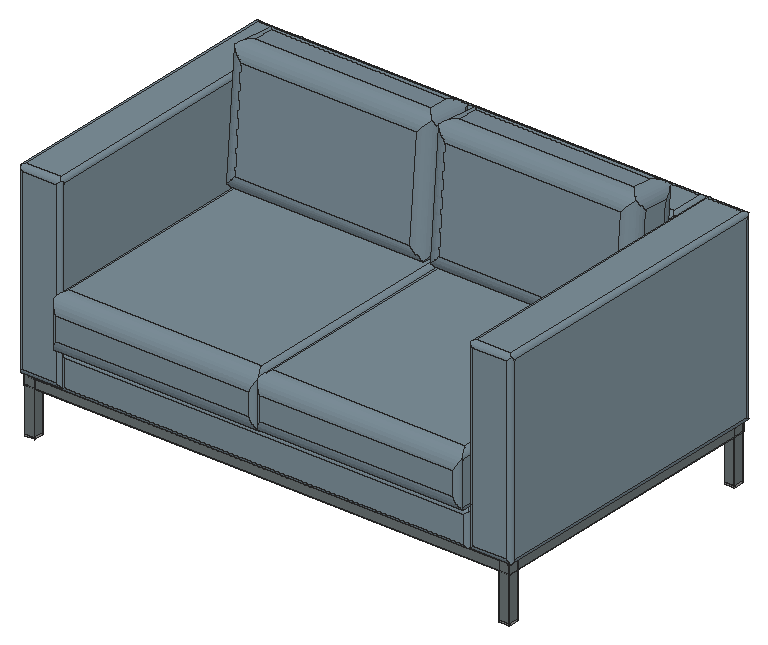
Revit family "FU_Sofa_Sandler_Iber 7-2", category Furniture, Revit 2022
Family settings
  OmniClass Number = 23.40.20.00
  OmniClass Title = General Furniture and Specialties
  Work Plane-Based = No
  Always vertical = Yes
  Cut with Voids When Loaded = No
  Render Appearance Source = Family Geometry
  Shared = No
  Room Calculation Point = No
Parameters (values of type "Iber 7.2")
  Width = 1390 mm
  URL = "https://www.sandlerseating.com/product/iber-7-2/"
  Seat [instance] = Fabric - Mainline Flax - Epping MLF51
  Model = "Iber 7.2"
  Manufacturer = "Sandler"
  Height = 780 mm
  Frame [instance] = Metal - Powdercoats - Granite Grey RAL 7026
  Description = "Two-seat sofa with slender armrests and chrome feet."
  Depth = 880 mm
  Default Elevation = 0 mm
Reference planes
  plane 1 "Center (Front/Back)": y = 0
  plane 2: z = 0
  plane 3 "Center (Left/Right)": x = 0
  plane 4 "Right": x = -695
  plane 5 "Left": x = 695
  plane 6 "Back": y = 440
  plane 7 "Front": y = -440
  plane 8 "Height": z = 780
  plane 9 "Seat Height": z = 410
  plane 10 "frame height FRONT": z = 155
  plane 11 "pads FRONT": z = 5
  plane 12 "frame right FRONT": x = -684.066
  plane 13 "frame left FRONT": x = 684.331
  plane 14 "frame front RIGHT": y = -396
  plane 15 "frame back RIGHT": y = 428
  plane 16 "inner right arm FRONT": x = -575.043
  plane 17 "inner left arm FRONT": x = 574.947
Forms (mm)
  Sweep 1, solid, material "Metal - Powdercoats - Granite Grey RAL 7026" <- "Frame"
    path origin (0, 0, 155) x (-1, 0, 0) y (0, -1, 0)
      loop
        line (684.066, -428) -> (684.066, 396) -> (-684.331, 396) -> (-684.331, -428) -> (684.066, -428)
    profile origin (0.132, 428, 155) x (0, 1, 0) y (0, 0, 1)
      loop
        line (-1.5, 0) -> (-28.5, 0)
        arc (-28.5, 0) -> (-29.561, -0.439) -> (-30, -1.5) r 1.5
        line (-30, -1.5) -> (-30, -26.5)
        arc (-30, -26.5) -> (-29.561, -27.561) -> (-28.5, -28) r 1.5
        line (-28.5, -28) -> (-1.5, -28)
        arc (-1.5, -28) -> (-0.439, -27.561) -> (0, -26.5) r 1.5
        line (0, -26.5) -> (0, -1.5)
        arc (0, -1.5) -> (-0.439, -0.439) -> (-1.5, 0) r 1.5
  Sweep 2, solid, material "Metal - Powdercoats - Granite Grey RAL 7026" <- "Frame"
    path origin (684.331, 0, 0) x (0, 0, 1) y (0, -1, 0)
      loop
        line (155, 396) -> (5, 396)
    profile origin (684.331, -396, 80) x (1, 0, 0) y (0, 1, 0)
      loop
        arc (-1.48, -0.021) -> (-0.419, 0.419) -> (0.02, 1.479) r 1.5
        line (0.02, 1.479) -> (0.02, 28.479)
        arc (0.02, 28.479) -> (-0.419, 29.54) -> (-1.48, 29.979) r 1.5
        line (-1.48, 29.979) -> (-28.48, 29.979)
        arc (-28.48, 29.979) -> (-29.541, 29.54) -> (-29.98, 28.479) r 1.5
        line (-29.98, 28.479) -> (-29.98, 1.479)
        arc (-29.98, 1.479) -> (-29.541, 0.419) -> (-28.48, -0.021) r 1.5
        line (-28.48, -0.021) -> (-1.48, -0.021)
  Sweep 3, solid, material "Metal - Powdercoats - Granite Grey RAL 7026" <- "Frame"
    path origin (-684.066, 0, 0) x (0, 0, 1) y (0, -1, 0)
      loop
        line (155, 396.021) -> (5, 396.021)
    profile origin (-684.066, -396.021, 80) x (1, 0, 0) y (0, 1, 0)
      loop
        arc (28.5, 0) -> (29.561, 0.439) -> (30, 1.5) r 1.5
        line (30, 1.5) -> (30, 28.5)
        arc (30, 28.5) -> (29.561, 29.561) -> (28.5, 30) r 1.5
        line (28.5, 30) -> (1.5, 30)
        arc (1.5, 30) -> (0.439, 29.561) -> (0, 28.5) r 1.5
        line (0, 28.5) -> (0, 1.5)
        arc (0, 1.5) -> (0.439, 0.439) -> (1.5, 0) r 1.5
        line (1.5, 0) -> (28.5, 0)
  Sweep 4, solid, material "Metal - Powdercoats - Granite Grey RAL 7026" <- "Frame"
    path origin (0, -396, 0) x (0, 0, 1) y (1, 0, 0)
      loop
        line (155, -684.066) -> (5, -684.066)
    profile origin (-684.066, -396, 80) x (0, 1, 0) y (-1, 0, 0)
      loop
        arc (794, -28.5) -> (794.439, -29.561) -> (795.5, -30) r 1.5
        line (795.5, -30) -> (822.5, -30)
        arc (822.5, -30) -> (823.561, -29.561) -> (824, -28.5) r 1.5
        line (824, -28.5) -> (824, -1.5)
        arc (824, -1.5) -> (823.561, -0.439) -> (822.5, 0) r 1.5
        line (822.5, 0) -> (795.5, 0)
        arc (795.5, 0) -> (794.439, -0.439) -> (794, -1.5) r 1.5
        line (794, -1.5) -> (794, -28.5)
  Sweep 5, solid, material "Metal - Powdercoats - Granite Grey RAL 7026" <- "Frame"
    path origin (684.331, 0, 0) x (0, 0, 1) y (0, -1, 0)
      loop
        line (155, -428) -> (5, -428)
    profile origin (684.331, 428, 80) x (1, 0, 0) y (0, 1, 0)
      loop
        arc (-1.5, -30) -> (-0.439, -29.561) -> (0, -28.5) r 1.5
        line (0, -28.5) -> (0, -1.5)
        arc (0, -1.5) -> (-0.439, -0.439) -> (-1.5, 0) r 1.5
        line (-1.5, 0) -> (-28.5, 0)
        arc (-28.5, 0) -> (-29.561, -0.439) -> (-30, -1.5) r 1.5
        line (-30, -1.5) -> (-30, -28.5)
        arc (-30, -28.5) -> (-29.561, -29.561) -> (-28.5, -30) r 1.5
        line (-28.5, -30) -> (-1.5, -30)
  Sweep 6, solid, material "Rubber, Natural"
    path origin (684.331, 0, 0) x (0, 0, 1) y (0, -1, 0)
      loop
        line (5, -428) -> (0, -428)
    profile origin (684.331, 428, 2.5) x (1, 0, 0) y (0, 1, 0)
      loop
        arc (-1.48, -30) -> (-0.419, -29.561) -> (0.02, -28.5) r 1.5
        line (0.02, -28.5) -> (0.02, -1.5)
        arc (0.02, -1.5) -> (-0.419, -0.439) -> (-1.48, 0) r 1.5
        line (-1.48, 0) -> (-28.48, 0)
        arc (-28.48, 0) -> (-29.541, -0.439) -> (-29.98, -1.5) r 1.5
        line (-29.98, -1.5) -> (-29.98, -28.5)
        arc (-29.98, -28.5) -> (-29.541, -29.561) -> (-28.48, -30) r 1.5
        line (-28.48, -30) -> (-1.48, -30)
  Sweep 7, solid, material "Rubber, Natural"
    path origin (684.331, 0, 0) x (0, 0, 1) y (0, -1, 0)
      loop
        line (5, 396.021) -> (0, 396.021)
    profile origin (684.331, -396.021, 2.5) x (1, 0, 0) y (0, 1, 0)
      loop
        arc (-1.48, 0) -> (-0.419, 0.439) -> (0.02, 1.5) r 1.5
        line (0.02, 1.5) -> (0.02, 28.5)
        arc (0.02, 28.5) -> (-0.419, 29.561) -> (-1.48, 30) r 1.5
        line (-1.48, 30) -> (-28.48, 30)
        arc (-28.48, 30) -> (-29.541, 29.561) -> (-29.98, 28.5) r 1.5
        line (-29.98, 28.5) -> (-29.98, 1.5)
        arc (-29.98, 1.5) -> (-29.541, 0.439) -> (-28.48, 0) r 1.5
        line (-28.48, 0) -> (-1.48, 0)
  Sweep 8, solid, material "Rubber, Natural"
    path origin (-684.066, 0, 0) x (0, 0, 1) y (0, -1, 0)
      loop
        line (5, 396.021) -> (0, 396.021)
    profile origin (-684.066, -396.021, 2.5) x (1, 0, 0) y (0, 1, 0)
      loop
        arc (28.5, 0) -> (29.561, 0.439) -> (30, 1.5) r 1.5
        line (30, 1.5) -> (30, 28.5)
        arc (30, 28.5) -> (29.561, 29.561) -> (28.5, 30) r 1.5
        line (28.5, 30) -> (1.5, 30)
        arc (1.5, 30) -> (0.439, 29.561) -> (0, 28.5) r 1.5
        line (0, 28.5) -> (0, 1.5)
        arc (0, 1.5) -> (0.439, 0.439) -> (1.5, 0) r 1.5
        line (1.5, 0) -> (28.5, 0)
  Sweep 9, solid, material "Rubber, Natural"
    path origin (-684.066, 0, 0) x (0, 0, 1) y (0, -1, 0)
      loop
        line (5, -428) -> (0, -428)
    profile origin (-684.066, 428, 2.5) x (1, 0, 0) y (0, 1, 0)
      loop
        arc (28.5, -30) -> (29.561, -29.561) -> (30, -28.5) r 1.5
        line (30, -28.5) -> (30, -1.5)
        arc (30, -1.5) -> (29.561, -0.439) -> (28.5, 0) r 1.5
        line (28.5, 0) -> (1.5, 0)
        arc (1.5, 0) -> (0.439, -0.439) -> (0, -1.5) r 1.5
        line (0, -1.5) -> (0, -28.5)
        arc (0, -28.5) -> (0.439, -29.561) -> (1.5, -30) r 1.5
        line (1.5, -30) -> (28.5, -30)
  Extrusion 10, solid, material "Fabric - Mainline Flax - Epping MLF51" <- "Seat"
    sketch origin (-695, 0, 0) x (0, 1, 0) y (0, 0, 1)
      loop
        arc (425, 155) -> (435.607, 159.393) -> (440, 170) r 15
        line (440, 170) -> (440, 670)
        arc (440, 670) -> (435.607, 680.607) -> (425, 685) r 15
        line (425, 685) -> (-388.972, 685)
        arc (-388.972, 685) -> (-399.579, 680.607) -> (-403.972, 670) r 15
        line (-403.972, 670) -> (-403.972, 170)
        arc (-403.972, 170) -> (-399.579, 159.393) -> (-388.972, 155) r 15
        line (-388.972, 155) -> (425, 155)
    from 0 to 119.957
  Extrusion 11, solid, material "Fabric - Mainline Flax - Epping MLF51" <- "Seat"
    sketch origin (695, 0, 0) x (0, 1, 0) y (0, 0, 1)
      loop
        arc (425, 155) -> (435.607, 159.393) -> (440, 170) r 15
        line (440, 170) -> (440, 670)
        arc (440, 670) -> (435.607, 680.607) -> (425, 685) r 15
        line (425, 685) -> (-388.972, 685)
        arc (-388.972, 685) -> (-399.579, 680.607) -> (-403.972, 670) r 15
        line (-403.972, 670) -> (-403.972, 170)
        arc (-403.972, 170) -> (-399.579, 159.393) -> (-388.972, 155) r 15
        line (-388.972, 155) -> (425, 155)
    from 0 to -120.053
  Sweep 12, void
    path in 3D
      loop
        line (-695, 440, 685) -> (-695, 440, 155) -> (-695, -403.972, 155) -> (-695, -403.972, 685) -> (-695, 440, 685)
    profile "Pro_edgeCut_12mm : Pro_edgeCut_12mm" origin (-695, 18.014, 685) x (-1, 0, 0) y (0, 0, 1)
      loop
        line (-7.071, 21.213) -> (-14.142, 0) -> (-12, 0)
        arc (-12, 0) -> (-3.515, -3.515) -> (0, -12) r 12
        line (0, -12) -> (0, -14.142) -> (21.213, -7.071) -> (-7.071, 21.213)
  Sweep 13, void
    path in 3D
      loop
        line (-575.043, -403.972, 685) -> (-575.043, -403.972, 155) -> (-575.043, 440, 155) -> (-575.043, 440, 685) -> (-575.043, -403.972, 685)
    profile "Pro_edgeCut_12mm : Pro_edgeCut_12mm" origin (-575.043, 18.014, 685) x (1, 0, 0) y (0, 0, 1)
      loop
        line (-7.071, 21.213) -> (-14.142, 0) -> (-12, 0)
        arc (-12, 0) -> (-3.515, -3.515) -> (0, -12) r 12
        line (0, -12) -> (0, -14.142) -> (21.213, -7.071) -> (-7.071, 21.213)
  Sweep 14, void
    path in 3D
      loop
        line (695, -403.972, 685) -> (695, -403.972, 155) -> (695, 440, 155) -> (695, 440, 685) -> (695, -403.972, 685)
    profile "Pro_edgeCut_12mm : Pro_edgeCut_12mm" origin (695, 18.014, 685) x (1, 0, 0) y (0, 0, 1)
      loop
        line (-7.071, 21.213) -> (-14.142, 0) -> (-12, 0)
        arc (-12, 0) -> (-3.515, -3.515) -> (0, -12) r 12
        line (0, -12) -> (0, -14.142) -> (21.213, -7.071) -> (-7.071, 21.213)
  Sweep 15, void
    path in 3D
      loop
        line (574.947, 440, 685) -> (574.947, 440, 155) -> (574.947, -403.972, 155) -> (574.947, -403.972, 685) -> (574.947, 440, 685)
    profile "Pro_edgeCut_12mm : Pro_edgeCut_12mm" origin (574.947, 18.014, 685) x (-1, 0, 0) y (0, 0, 1)
      loop
        line (-7.071, 21.213) -> (-14.142, 0) -> (-12, 0)
        arc (-12, 0) -> (-3.515, -3.515) -> (0, -12) r 12
        line (0, -12) -> (0, -14.142) -> (21.213, -7.071) -> (-7.071, 21.213)
  Extrusion 16, solid, material "Fabric - Mainline Flax - Epping MLF51" <- "Seat"
    sketch origin (0, 0, 0) x (0, 1, 0) y (0, 0, 1)
      loop
        line (-393.717, 155) -> (425, 155)
        arc (425, 155) -> (435.607, 159.393) -> (440, 170) r 15
        line (440, 170) -> (440, 669.793)
        arc (440, 669.793) -> (435.607, 680.4) -> (425, 684.793) r 15
        line (425, 684.793) -> (335, 684.793)
        arc (335, 684.793) -> (324.393, 680.4) -> (320, 669.793) r 15
        line (320, 669.793) -> (320, 255) -> (-388.717, 255)
        arc (-388.717, 255) -> (-399.324, 250.607) -> (-403.717, 240) r 15
        line (-403.717, 240) -> (-403.717, 165)
        arc (-403.717, 165) -> (-400.788, 157.929) -> (-393.717, 155) r 10
    from -575.043 to 574.947
  Sweep 17, void
    path in 3D
      loop
        line (574.947, -403.717, 255) -> (574.947, -403.717, 155) -> (574.947, 440, 155) -> (574.947, 440, 684.793) -> (574.947, 320, 684.793) -> (574.947, 320, 255) -> (574.947, -403.717, 255)
    profile "Pro_edgeCut_12mm : Pro_edgeCut_12mm" origin (574.947, -41.859, 255) x (1, 0, 0) y (0, 0, 1)
      loop
        line (-7.071, 21.213) -> (-14.142, 0) -> (-12, 0)
        arc (-12, 0) -> (-3.515, -3.515) -> (0, -12) r 12
        line (0, -12) -> (0, -14.142) -> (21.213, -7.071) -> (-7.071, 21.213)
  Sweep 18, void
    path in 3D
      loop
        line (-575.043, 320, 255) -> (-575.043, 320, 684.793) -> (-575.043, 440, 684.793) -> (-575.043, 440, 155) -> (-575.043, -403.717, 155) -> (-575.043, -403.717, 255) -> (-575.043, 320, 255)
    profile "Pro_edgeCut_12mm : Pro_edgeCut_12mm" origin (-575.043, -41.859, 255) x (-1, 0, 0) y (0, 0, 1)
      loop
        line (-7.071, 21.213) -> (-14.142, 0) -> (-12, 0)
        arc (-12, 0) -> (-3.515, -3.515) -> (0, -12) r 12
        line (0, -12) -> (0, -14.142) -> (21.213, -7.071) -> (-7.071, 21.213)
  Extrusion 19, solid, material "Fabric - Mainline Flax - Epping MLF51" <- "Seat"
    sketch origin (-575.043, 0, 0) x (0, 0, 1) y (0, -1, 0)
      loop
        arc (460.779, -158.902) -> (427.98, -169.413) -> (412.22, -200.037) r 45
        line (412.22, -200.037) -> (407.29, -259.601)
        arc (407.29, -259.601) -> (417.8, -292.399) -> (448.424, -308.16) r 45
        line (448.424, -308.16) -> (726.248, -331.157)
        arc (726.248, -331.157) -> (759.047, -320.647) -> (774.807, -290.023) r 45
        line (774.807, -290.023) -> (779.738, -230.458)
        arc (779.738, -230.458) -> (769.227, -197.66) -> (738.603, -181.9) r 45
        line (738.603, -181.9) -> (460.779, -158.902)
    from 0 to 575.043
  Sweep 20, void
    path in 3D
      loop
        line (0, 185.612, 783.45) -> (0, 155.19, 415.932) -> (0, 304.447, 403.577) -> (0, 334.869, 771.095) -> (0, 185.612, 783.45)
    profile "Pro_edgeCut_40mm : Pro_edgeCut_40mm" origin (0, 260.241, 777.272) x (0, -0.082494, -0.996592) y (1, 0, 0)
      loop
        line (7.071, 21.213) -> (-21.213, -7.071) -> (0, -40)
        arc (0, -40) -> (11.716, -11.716) -> (40, 0) r 40
        line (40, 0) -> (7.071, 21.213)
  Sweep 21, void
    path in 3D
      loop
        line (-575.043, 334.869, 771.095) -> (-575.043, 304.447, 403.577) -> (-575.043, 155.19, 415.932) -> (-575.043, 185.612, 783.45) -> (-575.043, 334.869, 771.095)
    profile "Pro_edgeCut_40mm : Pro_edgeCut_40mm" origin (-575.043, 260.241, 777.272) x (0, -0.082494, -0.996592) y (-1, 0, 0)
      loop
        line (7.071, 21.213) -> (-21.213, -7.071) -> (0, -40)
        arc (0, -40) -> (11.716, -11.716) -> (40, 0) r 40
        line (40, 0) -> (7.071, 21.213)
  Extrusion 22, solid, material "Fabric - Mainline Flax - Epping MLF51" <- "Seat"
    sketch origin (-575.043, 0, 0) x (0, 0, 1) y (0, -1, 0)
      loop
        line (255, -320) -> (410, -320) -> (410, 395)
        arc (410, 395) -> (396.82, 426.82) -> (365, 440) r 45
        line (365, 440) -> (300, 440)
        arc (300, 440) -> (268.18, 426.82) -> (255, 395) r 45
        line (255, 395) -> (255, -320)
    from 0 to 575.043
  Sweep 23, void
    path in 3D
      loop
        line (-575.043, 320, 410) -> (-575.043, 320, 255) -> (-575.043, -440, 255) -> (-575.043, -440, 410) -> (-575.043, 320, 410)
    profile "Pro_edgeCut_32-5mm : Pro_edgeCut_32-5mm" origin (-575.043, -60, 410) x (-1, 0, 0) y (0, 0, 1)
      loop
        line (-7.071, 21.213) -> (-16.25, 0)
        arc (-16.25, 0) -> (-4.76, -4.76) -> (0, -16.25) r 16.25
        line (0, -16.25) -> (21.213, -7.071) -> (-7.071, 21.213)
  Sweep 24, void
    path in 3D
      loop
        line (0, -440, 410) -> (0, -440, 255) -> (0, 320, 255) -> (0, 320, 410) -> (0, -440, 410)
    profile "Pro_edgeCut_32-5mm : Pro_edgeCut_32-5mm" origin (0, -60, 410) x (1, 0, 0) y (0, 0, 1)
      loop
        line (-7.071, 21.213) -> (-16.25, 0)
        arc (-16.25, 0) -> (-4.76, -4.76) -> (0, -16.25) r 16.25
        line (0, -16.25) -> (21.213, -7.071) -> (-7.071, 21.213)
  Extrusion 25, solid, material "Fabric - Mainline Flax - Epping MLF51" <- "Seat"
    sketch origin (575.043, 0, 0) x (0, 0, 1) y (0, 1, 0)
      loop
        line (460.779, 158.902) -> (738.603, 181.9)
        arc (738.603, 181.9) -> (769.227, 197.66) -> (779.738, 230.458) r 45
        line (779.738, 230.458) -> (774.807, 290.023)
        arc (774.807, 290.023) -> (759.047, 320.647) -> (726.248, 331.157) r 45
        line (726.248, 331.157) -> (448.424, 308.16)
        arc (448.424, 308.16) -> (417.8, 292.399) -> (407.29, 259.601) r 45
        line (407.29, 259.601) -> (412.22, 200.037)
        arc (412.22, 200.037) -> (427.98, 169.413) -> (460.779, 158.902) r 45
    from 0.097 to 575.043
  Sweep 26, void
    path in 3D
      loop
        line (0, 185.612, 783.45) -> (0, 155.19, 415.932) -> (0, 304.447, 403.577) -> (0, 334.869, 771.095) -> (0, 185.612, 783.45)
    profile "Pro_edgeCut_40mm : Pro_edgeCut_40mm" origin (0, 260.241, 777.272) x (0, 0.082494, 0.996592) y (-1, 0, 0)
      loop
        line (-7.071, 21.213) -> (-40, 0)
        arc (-40, 0) -> (-11.716, -11.716) -> (0, -40) r 40
        line (0, -40) -> (21.213, -7.071) -> (-7.071, 21.213)
  Sweep 27, void
    path in 3D
      loop
        line (574.947, 334.869, 771.095) -> (574.947, 304.447, 403.577) -> (574.947, 155.19, 415.932) -> (574.947, 185.612, 783.45) -> (574.947, 334.869, 771.095)
    profile "Pro_edgeCut_40mm : Pro_edgeCut_40mm" origin (574.947, 260.241, 777.272) x (0, 0.082494, 0.996592) y (1, 0, 0)
      loop
        line (-7.071, 21.213) -> (-40, 0)
        arc (-40, 0) -> (-11.716, -11.716) -> (0, -40) r 40
        line (0, -40) -> (21.213, -7.071) -> (-7.071, 21.213)
  Extrusion 28, solid, material "Fabric - Mainline Flax - Epping MLF51" <- "Seat"
    sketch origin (575.043, 0, 0) x (0, 0, 1) y (0, 1, 0)
      loop
        line (255, 320) -> (255, -395)
        arc (255, -395) -> (268.18, -426.82) -> (300, -440) r 45
        line (300, -440) -> (365, -440)
        arc (365, -440) -> (396.82, -426.82) -> (410, -395) r 45
        line (410, -395) -> (410, 320) -> (255, 320)
    from 0.097 to 575.043
  Sweep 29, void
    path in 3D
      loop
        line (574.947, 320, 410) -> (574.947, 320, 255) -> (574.947, -440, 255) -> (574.947, -440, 410) -> (574.947, 320, 410)
    profile "Pro_edgeCut_32-5mm : Pro_edgeCut_32-5mm" origin (574.947, -60, 410) x (-1, 0, 0) y (0, 0, 1)
      loop
        line (7.071, 21.213) -> (-21.213, -7.071) -> (0, -16.25)
        arc (0, -16.25) -> (4.76, -4.76) -> (16.25, 0) r 16.25
        line (16.25, 0) -> (7.071, 21.213)
  Sweep 30, void
    path in 3D
      loop
        line (0, -440, 410) -> (0, -440, 255) -> (0, 320, 255) -> (0, 320, 410) -> (0, -440, 410)
    profile "Pro_edgeCut_32-5mm : Pro_edgeCut_32-5mm" origin (0, -60, 410) x (1, 0, 0) y (0, 0, 1)
      loop
        line (7.071, 21.213) -> (-21.213, -7.071) -> (0, -16.25)
        arc (0, -16.25) -> (4.76, -4.76) -> (16.25, 0) r 16.25
        line (16.25, 0) -> (7.071, 21.213)
Cuts and joins
  Sweep 12, Sweep 13 cuts Extrusion 10
  Sweep 14, Sweep 15 cuts Extrusion 11
  Sweep 17, Sweep 18 cuts Extrusion 16
  Sweep 20, Sweep 21 cuts Extrusion 19
  Sweep 23, Sweep 24 cuts Extrusion 22
  Sweep 26, Sweep 27 cuts Extrusion 25
  Sweep 29, Sweep 30 cuts Extrusion 28
Lines and regions (mm)
  sketch lines
    curve 1: line (-695, -403.972, 685) -> (-695, 440, 685)
    curve 2: line (-695, -403.972, 155) -> (-695, -403.972, 685)
    curve 3: line (-695, 440, 155) -> (-695, -403.972, 155)
    curve 4: line (-695, 440, 685) -> (-695, 440, 155)
    curve 5: line (-575.043, 440, 685) -> (-575.043, -403.972, 685)
    curve 6: line (-575.043, -403.972, 685) -> (-575.043, -403.972, 155)
    curve 7: line (-575.043, -403.972, 155) -> (-575.043, 440, 155)
    curve 8: line (-575.043, 440, 155) -> (-575.043, 440, 685)
    curve 9: line (695, 440, 685) -> (695, -403.972, 685)
    curve 10: line (695, -403.972, 685) -> (695, -403.972, 155)
    curve 11: line (695, -403.972, 155) -> (695, 440, 155)
    curve 12: line (695, 440, 155) -> (695, 440, 685)
    curve 13: line (574.947, -403.972, 685) -> (574.947, 440, 685)
    curve 14: line (574.947, -403.972, 155) -> (574.947, -403.972, 685)
    curve 15: line (574.947, 440, 155) -> (574.947, -403.972, 155)
    curve 16: line (574.947, 440, 685) -> (574.947, 440, 155)
    curve 17: line (574.947, 320, 255) -> (574.947, -403.717, 255)
    curve 18: line (574.947, -403.717, 255) -> (574.947, -403.717, 155)
    curve 19: line (574.947, -403.717, 155) -> (574.947, 440, 155)
    curve 20: line (574.947, 440, 155) -> (574.947, 440, 684.793)
    curve 21: line (574.947, 440, 684.793) -> (574.947, 320, 684.793)
    curve 22: line (574.947, 320, 684.793) -> (574.947, 320, 255)
    curve 23: line (-575.043, -403.717, 255) -> (-575.043, 320, 255)
    curve 24: line (-575.043, -403.717, 155) -> (-575.043, -403.717, 255)
    curve 25: line (-575.043, 440, 155) -> (-575.043, -403.717, 155)
    curve 26: line (-575.043, 440, 684.793) -> (-575.043, 440, 155)
    curve 27: line (-575.043, 320, 684.793) -> (-575.043, 440, 684.793)
    curve 28: line (-575.043, 320, 255) -> (-575.043, 320, 684.793)
    curve 29: line (0, 334.869, 771.095) -> (0, 185.612, 783.45)
    curve 30: line (0, 185.612, 783.45) -> (0, 155.19, 415.932)
    curve 31: line (0, 155.19, 415.932) -> (0, 304.447, 403.577)
    curve 32: line (0, 304.447, 403.577) -> (0, 334.869, 771.095)
    curve 33: line (-575.043, 185.612, 783.45) -> (-575.043, 334.869, 771.095)
    curve 34: line (-575.043, 155.19, 415.932) -> (-575.043, 185.612, 783.45)
    curve 35: line (-575.043, 304.447, 403.577) -> (-575.043, 155.19, 415.932)
    curve 36: line (-575.043, 334.869, 771.095) -> (-575.043, 304.447, 403.577)
    curve 37: line (-575.043, -440, 410) -> (-575.043, 320, 410)
    curve 38: line (-575.043, -440, 255) -> (-575.043, -440, 410)
    curve 39: line (-575.043, 320, 255) -> (-575.043, -440, 255)
    curve 40: line (-575.043, 320, 410) -> (-575.043, 320, 255)
    curve 41: line (0, 320, 410) -> (0, -440, 410)
    curve 42: line (0, -440, 410) -> (0, -440, 255)
    curve 43: line (0, -440, 255) -> (0, 320, 255)
    curve 44: line (0, 320, 255) -> (0, 320, 410)
    curve 45: line (0, 334.869, 771.095) -> (0, 185.612, 783.45)
    curve 46: line (0, 185.612, 783.45) -> (0, 155.19, 415.932)
    curve 47: line (0, 155.19, 415.932) -> (0, 304.447, 403.577)
    curve 48: line (0, 304.447, 403.577) -> (0, 334.869, 771.095)
    curve 49: line (574.947, 185.612, 783.45) -> (574.947, 334.869, 771.095)
    curve 50: line (574.947, 155.19, 415.932) -> (574.947, 185.612, 783.45)
    curve 51: line (574.947, 304.447, 403.577) -> (574.947, 155.19, 415.932)
    curve 52: line (574.947, 334.869, 771.095) -> (574.947, 304.447, 403.577)
    curve 53: line (574.947, -440, 410) -> (574.947, 320, 410)
    curve 54: line (574.947, -440, 255) -> (574.947, -440, 410)
    curve 55: line (574.947, 320, 255) -> (574.947, -440, 255)
    curve 56: line (574.947, 320, 410) -> (574.947, 320, 255)
    curve 57: line (0, 320, 410) -> (0, -440, 410)
    curve 58: line (0, -440, 410) -> (0, -440, 255)
    curve 59: line (0, -440, 255) -> (0, 320, 255)
    curve 60: line (0, 320, 255) -> (0, 320, 410)
Dimensions and locks
  equal spacing: plane 6 "Back", plane 1 "Center (Front/Back)", plane 7 "Front"
  "Depth": plane 6 "Back" to plane 7 "Front"
  equal spacing: plane 4 "Right", plane 3 "Center (Left/Right)", plane 5 "Left"
  "Width": plane 4 "Right" to plane 5 "Left"
  "Height": plane 8 "Height" to level
  locked: plane 12 "frame right FRONT" to plane 4 "Right" at 10.934
  locked: plane 5 "Left" to plane 13 "frame left FRONT" at 10.669
  locked: plane 16 "inner right arm FRONT" to plane 12 "frame right FRONT" at 109.022
  locked: plane 13 "frame left FRONT" to plane 17 "inner left arm FRONT" at 109.384
  aligned and locked: level to plane 2
  aligned and locked: Sweep 1 sketch curve to plane 15 "frame back RIGHT"
  aligned and locked: plane 12 "frame right FRONT" to Sweep 1 sketch curve
  aligned and locked: plane 14 "frame front RIGHT" to Sweep 1 sketch curve
  aligned and locked: Sweep 1 sketch curve to plane 13 "frame left FRONT"
  aligned and locked: plane 16 "inner right arm FRONT" to Extrusion 10
  aligned and locked: Extrusion 11 to plane 17 "inner left arm FRONT"
  aligned and locked: Extrusion 16 to plane 16 "inner right arm FRONT"
  aligned and locked: plane 17 "inner left arm FRONT" to Extrusion 16
  aligned and locked: plane 3 "Center (Left/Right)" to Extrusion 22
  aligned and locked: plane 3 "Center (Left/Right)" to Extrusion 19
  aligned and locked: plane 17 "inner left arm FRONT" to Extrusion 28
  aligned and locked: plane 17 "inner left arm FRONT" to Extrusion 25
Automatic sketch dimensions
  Sweep 1 sketch curve to plane 10 "frame height FRONT" = 0 mm
  Sweep 1 sketch curve to profile plane = 0 mm
  profile plane to Sweep 1 sketch curve = 1.5 mm  (x2)
  Sweep 1 sketch curve to Sweep 1 sketch curve = 27 mm
  Sweep 1 sketch curve to Sweep 1 sketch curve = 0 mm
  Sweep 1 sketch curve to plane 10 "frame height FRONT" = 1.5 mm
  Sweep 1 sketch curve to Sweep 1 sketch curve = 25 mm
  plane 11 "pads FRONT" to Sweep 2 sketch curve = 0 mm
  Sweep 2 sketch curve to plane 10 "frame height FRONT" = 0 mm
  Sweep 2 sketch curve to plane 14 "frame front RIGHT" = 0 mm
  Sweep 2 sketch curve to profile plane = 1.479 mm
  Sweep 2 sketch curve to plane 13 "frame left FRONT" = 29.98 mm
  Sweep 2 sketch curve to Sweep 2 sketch curve = 1.5 mm
  profile plane to Sweep 2 sketch curve = 0.021 mm
  Sweep 2 sketch curve to plane 13 "frame left FRONT" = 1.48 mm  (x2)
  plane 13 "frame left FRONT" to Sweep 2 sketch curve = 0.02 mm
  Sweep 2 sketch curve to Sweep 2 sketch curve = 27 mm
  plane 11 "pads FRONT" to Sweep 3 sketch curve = 0 mm
  Sweep 3 sketch curve to plane 10 "frame height FRONT" = 0 mm
  Sweep 3 sketch curve to plane 14 "frame front RIGHT" = 0.021 mm
  Sweep 3 sketch curve to plane 12 "frame right FRONT" = 0 mm
  profile plane to Sweep 3 sketch curve = 0 mm
  plane 12 "frame right FRONT" to Sweep 3 sketch curve = 1.5 mm  (x2)
  Sweep 3 sketch curve to Sweep 3 sketch curve = 27 mm  (x2)
  Sweep 3 sketch curve to profile plane = 1.5 mm
  Sweep 3 sketch curve to Sweep 3 sketch curve = 0 mm
  Sweep 4 sketch curve to plane 11 "pads FRONT" = 0 mm
  Sweep 4 sketch curve to plane 10 "frame height FRONT" = 0 mm
  Sweep 4 sketch curve to plane 12 "frame right FRONT" = 0 mm
  Sweep 4 sketch curve to profile plane = 0 mm
  profile plane to Sweep 4 sketch curve = 28.5 mm
  plane 14 "frame front RIGHT" to Sweep 4 sketch curve = 794 mm
  Sweep 4 sketch curve to Sweep 4 sketch curve = 1.5 mm  (x3)
  Sweep 4 sketch curve to Sweep 4 sketch curve = 27 mm  (x2)
  Sweep 5 sketch curve to plane 15 "frame back RIGHT" = 0 mm
  Sweep 5 sketch curve to plane 10 "frame height FRONT" = 0 mm
  Sweep 5 sketch curve to plane 11 "pads FRONT" = 0 mm
  profile plane to Sweep 5 sketch curve = 0 mm
  Sweep 5 sketch curve to plane 13 "frame left FRONT" = 0 mm
  Sweep 5 sketch curve to plane 13 "frame left FRONT" = 1.5 mm  (x2)
  Sweep 5 sketch curve to Sweep 5 sketch curve = 27 mm  (x3)
  profile plane to Sweep 5 sketch curve = 1.5 mm
  Sweep 6 sketch curve to level = 0 mm
  plane 11 "pads FRONT" to Sweep 6 sketch curve = 0 mm
  plane 15 "frame back RIGHT" to Sweep 6 sketch curve = 0 mm
  Sweep 6 sketch curve to plane 13 "frame left FRONT" = 29.98 mm
  profile plane to Sweep 6 sketch curve = 0 mm
  Sweep 6 sketch curve to Sweep 6 sketch curve = 1.5 mm  (x2)
  Sweep 6 sketch curve to plane 13 "frame left FRONT" = 1.48 mm  (x2)
  plane 13 "frame left FRONT" to Sweep 6 sketch curve = 0.02 mm
  Sweep 6 sketch curve to Sweep 6 sketch curve = 27 mm
  Sweep 7 sketch curve to level = 0 mm
  plane 11 "pads FRONT" to Sweep 7 sketch curve = 0 mm
  Sweep 7 sketch curve to plane 14 "frame front RIGHT" = 0.021 mm
  profile plane to Sweep 7 sketch curve = 0 mm
  Sweep 7 sketch curve to profile plane = 1.5 mm
  Sweep 7 sketch curve to plane 13 "frame left FRONT" = 29.98 mm
  Sweep 7 sketch curve to Sweep 7 sketch curve = 1.5 mm
  Sweep 7 sketch curve to plane 13 "frame left FRONT" = 1.48 mm  (x2)
  plane 13 "frame left FRONT" to Sweep 7 sketch curve = 0.02 mm
  Sweep 7 sketch curve to Sweep 7 sketch curve = 27 mm
  Sweep 8 sketch curve to level = 0 mm
  plane 11 "pads FRONT" to Sweep 8 sketch curve = 0 mm
  Sweep 8 sketch curve to plane 14 "frame front RIGHT" = 0.021 mm
  Sweep 8 sketch curve to plane 12 "frame right FRONT" = 0 mm
  profile plane to Sweep 8 sketch curve = 0 mm
  plane 12 "frame right FRONT" to Sweep 8 sketch curve = 1.5 mm  (x2)
  Sweep 8 sketch curve to Sweep 8 sketch curve = 27 mm  (x3)
  Sweep 8 sketch curve to profile plane = 1.5 mm
  Sweep 9 sketch curve to level = 0 mm
  plane 11 "pads FRONT" to Sweep 9 sketch curve = 0 mm
  Sweep 9 sketch curve to plane 15 "frame back RIGHT" = 0 mm
  Sweep 9 sketch curve to plane 12 "frame right FRONT" = 0 mm
  Sweep 9 sketch curve to profile plane = 0 mm
  plane 12 "frame right FRONT" to Sweep 9 sketch curve = 1.5 mm  (x2)
  profile plane to Sweep 9 sketch curve = 1.5 mm
  Sweep 9 sketch curve to Sweep 9 sketch curve = 27 mm  (x2)
  Sweep 9 sketch curve to Sweep 9 sketch curve = 1.5 mm
  Extrusion 10 sketch curve to plane 10 "frame height FRONT" = 0 mm
  Extrusion 10 sketch curve to plane 6 "Back" = 0 mm
  Extrusion 10 sketch curve to plane 15 "frame back RIGHT" = 3 mm  (x2)
  plane 14 "frame front RIGHT" to Extrusion 10 sketch curve = 7.028 mm  (x2)
  Extrusion 10 sketch curve to plane 14 "frame front RIGHT" = 7.972 mm
  Extrusion 10 sketch curve to plane 8 "Height" = 110 mm
  Extrusion 11 sketch curve to plane 10 "frame height FRONT" = 0 mm
  Extrusion 11 sketch curve to plane 6 "Back" = 0 mm
  Extrusion 11 sketch curve to plane 15 "frame back RIGHT" = 3 mm  (x2)
  plane 14 "frame front RIGHT" to Extrusion 11 sketch curve = 7.028 mm  (x2)
  Extrusion 11 sketch curve to plane 14 "frame front RIGHT" = 7.972 mm
  Extrusion 11 sketch curve to plane 8 "Height" = 110 mm
  Extrusion 16 sketch curve to plane 10 "frame height FRONT" = 0 mm
  Extrusion 16 sketch curve to plane 6 "Back" = 0 mm
  Extrusion 16 sketch curve to plane 15 "frame back RIGHT" = 3 mm  (x2)
  Extrusion 16 sketch curve to Extrusion 16 sketch curve = 90 mm
  Extrusion 16 sketch curve to plane 15 "frame back RIGHT" = 108 mm
  plane 14 "frame front RIGHT" to Extrusion 16 sketch curve = 7.283 mm
  plane 14 "frame front RIGHT" to Extrusion 16 sketch curve = 2.283 mm
  Extrusion 16 sketch curve to plane 14 "frame front RIGHT" = 7.717 mm
  Extrusion 16 sketch curve to Extrusion 16 sketch curve = 75 mm
  Extrusion 16 sketch curve to plane 8 "Height" = 110.207 mm
  Extrusion 19 sketch curve to plane 9 "Seat Height" = 2.71 mm
  plane 9 "Seat Height" to Extrusion 19 sketch curve = 2.22 mm
  plane 9 "Seat Height" to Extrusion 19 sketch curve = 38.424 mm
  plane 9 "Seat Height" to Extrusion 19 sketch curve = 42.136 mm
  Extrusion 19 sketch curve to Extrusion 19 sketch curve = 44.847 mm  (x2)
  Extrusion 19 sketch curve to Extrusion 19 sketch curve = 3.712 mm  (x4)
  Extrusion 19 sketch curve to plane 8 "Height" = 53.752 mm
  Extrusion 19 sketch curve to plane 8 "Height" = 45.109 mm
  Extrusion 19 sketch curve to plane 8 "Height" = 41.397 mm
  Extrusion 19 sketch curve to plane 8 "Height" = 5.193 mm
  Extrusion 19 sketch curve to plane 8 "Height" = 0.262 mm
  Extrusion 19 sketch curve to plane 15 "frame back RIGHT" = 96.843 mm
  Extrusion 19 sketch curve to plane 15 "frame back RIGHT" = 119.84 mm
  Extrusion 19 sketch curve to Extrusion 19 sketch curve = 41.134 mm
  Extrusion 19 sketch curve to Extrusion 19 sketch curve = 59.564 mm  (x2)
  Extrusion 22 sketch curve to plane 7 "Front" = 0 mm
  Extrusion 22 sketch curve to plane 9 "Seat Height" = 0 mm
  plane 14 "frame front RIGHT" to Extrusion 22 sketch curve = 1 mm
  Extrusion 22 sketch curve to Extrusion 22 sketch curve = 65 mm
  plane 10 "frame height FRONT" to Extrusion 22 sketch curve = 100 mm
  Extrusion 22 sketch curve to plane 15 "frame back RIGHT" = 108 mm
  Extrusion 25 sketch curve to plane 9 "Seat Height" = 2.71 mm
  plane 9 "Seat Height" to Extrusion 25 sketch curve = 2.22 mm
  plane 9 "Seat Height" to Extrusion 25 sketch curve = 38.424 mm
  plane 9 "Seat Height" to Extrusion 25 sketch curve = 42.136 mm
  Extrusion 25 sketch curve to Extrusion 25 sketch curve = 44.847 mm  (x2)
  Extrusion 25 sketch curve to Extrusion 25 sketch curve = 3.712 mm  (x4)
  Extrusion 25 sketch curve to plane 8 "Height" = 53.752 mm
  Extrusion 25 sketch curve to plane 8 "Height" = 45.109 mm
  Extrusion 25 sketch curve to plane 8 "Height" = 41.397 mm
  Extrusion 25 sketch curve to plane 8 "Height" = 5.193 mm
  Extrusion 25 sketch curve to plane 8 "Height" = 0.262 mm
  Extrusion 25 sketch curve to plane 1 "Center (Front/Back)" = 158.902 mm
  Extrusion 25 sketch curve to plane 1 "Center (Front/Back)" = 181.9 mm
  Extrusion 25 sketch curve to Extrusion 25 sketch curve = 41.134 mm
  Extrusion 25 sketch curve to Extrusion 25 sketch curve = 59.564 mm  (x2)
  Extrusion 28 sketch curve to plane 7 "Front" = 0 mm
  Extrusion 28 sketch curve to plane 9 "Seat Height" = 0 mm
  plane 14 "frame front RIGHT" to Extrusion 28 sketch curve = 1 mm
  Extrusion 28 sketch curve to Extrusion 28 sketch curve = 65 mm
  plane 10 "frame height FRONT" to Extrusion 28 sketch curve = 100 mm
  Extrusion 28 sketch curve to plane 15 "frame back RIGHT" = 108 mm
